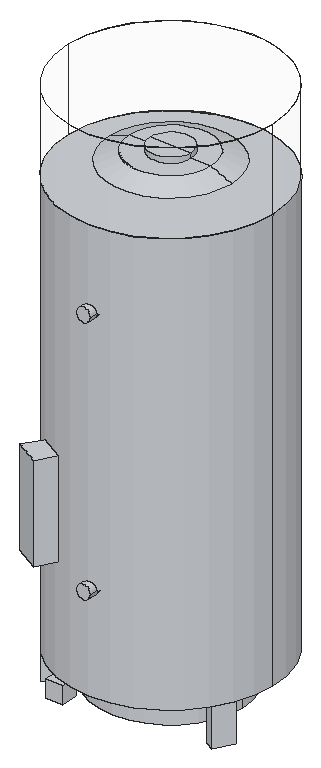
Revit family
Parameters (values of type "CGN199 100 (A)")
  water outlet radius = 1"
  water inlet radius = 1"
  water inlet/outlet length = radius + 1"  # 16 1/8"
  gas conn radius = 1/4"
  gas conn offset = radius * sin(15.00°)  # 3.91464"
  E_Gas conn height = 4 1/2"
  D_water inlet height = 19 3/4"
  vent radius = 3"
  top clearance = 12"
  tank height = A_HEIGHT - 4"  # 68"
  flue dimension = vent radius + 6"  # 9"
  bottom of tank radius = radius - 4 1/2"  # 10 5/8"
  bottom of tank height = -1 * feet height + 1"  # -4 1/2"
  SES BIM Studio # = "201264902-45"
  URL = "http://www.lochinvar.com/products/Default.aspx?type=ProductLine&lineid=188"
  Model = "CGN199 100 (A)"
  Manufacturer = "Lochinvar"
  MODEL NO. = "CGN199 100 (A)"
  GALLON CAPACITY = "100"
  feet height = E_Gas conn height + 1"  # 5 1/2"
  C_water oultlet height = 56 1/2"
  B_DIAMETER = radius * 2  # 30 1/4"
  INPUT RATE (BTUH) = "199,000"
  A_HEIGHT = 72"
  FUEL TYPE = "NATURAL GAS"
  Description = "Commercial Water Heater"
  Fuel Type = "Natrual Gas"
  radius = 15 1/8"
Types (8): name | water outlet radius | water inlet radius | water inlet/outlet length | gas conn radius | gas conn offset | D_water inlet height | vent radius | tank height | flue dimension | bottom of tank radius | Model | MODEL NO. | GALLON CAPACITY | C_water oultlet height | B_DIAMETER | INPUT RATE (BTUH) | A_HEIGHT | radius
  (no name) | 1" | 1" | 16 1/8" | 1/4" | 3.91464" | 19 3/4" | 3" | 68" | 9" | 10 5/8" | "CGN199 100 (A)" | "CGN199 100 (A)" | "100" | 56 1/2" | 30 1/4" | "199,000" | 72" | 15 1/8"
  CGN199 100 (A) | 1" | 1" | 16 1/8" | 1/4" | 3.91464" | 19 3/4" | 3" | 68" | 9" | 10 5/8" | "CGN199 100 (A)" | "CGN199 100 (A)" | "100" | 56 1/2" | 30 1/4" | "199,000" | 72" | 15 1/8"
  CGN250 065 (A) | 3/4" | 3/4" | 14 7/8" | 1/4" | 3.59111" | 20" | 4" | 71" | 10" | 9 3/8" | "CGN250 065(A)" | "CGN250 065 (A)" | "65" | 58 3/4" | 27 3/4" | "251,000" | 75" | 13 7/8"
  CGN250 100(A) | 1" | 1" | 16 1/8" | 1/4" | 3.91464" | 19 3/4" | 4" | 68" | 10" | 10 5/8" | "CGN250 100 (A)" | "CGN250 100 (A)" | "100" | 56 1/2" | 30 1/4" | "250,000" | 72" | 15 1/8"
  CGN275 100 (A) | 1" | 1" | 16 1/8" | 1/4" | 3.91464" | 19 3/4" | 4" | 68" | 10" | 10 5/8" | "CGN275 100 (A)" | "CGN275 100 (A)" | "100" | 56 1/2" | 30 1/4" | "275,000" | 72" | 15 1/8"
  CGN305 065 (A) | 3/4" | 3/4" | 14 7/8" | 1/4" | 3.59111" | 20" | 4" | 71" | 10" | 9 3/8" | "CGN305 065(A)" | "CGN305 065 (A)" | "65" | 58 3/4" | 27 3/4" | "305,000" | 75" | 13 7/8"
  CGN365 085 (A) | 3/4" | 3/4" | 14 7/8" | 3/8" | 3.59111" | 22 1/2" | 4" | 75 1/2" | 10" | 9 3/8" | "CGN365 085(A)" | "CGN365 085 (A)" | "65" | 63" | 27 3/4" | "365,000" | 79 1/2" | 13 7/8"
  CGN400  100 (A) | 1" | 1" | 16 1/8" | 3/8" | 3.91464" | 26 3/4" | 4" | 71 1/2" | 10" | 10 5/8" | "CGN390 100 (A)" | "CGN390 100 (A)" | "100" | 59" | 30 1/4" | "390,000" | 75 1/2" | 15 1/8"
Reference planes (in)
  plane 1 "Center (Front/Back)": y = 6.125
  plane 2: z = 0
  plane 3 "Center (Left/Right)": x = -1.39218
  plane 4 "Top": z = 68
  plane 5 "Top Clearance": z = 80
  plane 6 "Foot Offset Plane": through (-1.39218, 6.125, 48) normal (-0.866, 0.5, 0)
  plane 7 "Foot Offset Plane 2": through (-1.39218, 6.125, 48) normal (-0.866, -0.5, 0)
  plane 8 "Tank Bottom": z = 5.5
  plane 9 "Elec Box Plane": through (-1.39218, 6.125, 48) normal (0.5, 0.866, 0)
  plane 10 "Elec Box Height": z = 35.25
Forms (in)
  Extrusion 1, solid, material "Clearance"
    sketch origin (0, 0, 68) x (-1, 0, 0) y (0, -1, 0)
      loop
        circle (1.39218, -6.125) r 15.125
    from 0 to 12
  Extrusion 2, solid
    sketch origin (0, 0, 0) x (1, 0, 0) y (0, 1, 0)
      loop
        line (-15.60166, 0.48654) -> (-14.10166, -2.11154) -> (-12.80262, -1.36154) -> (-14.30262, 1.23654) -> (-15.60166, 0.48654)
      loop
        line (11.3173, -2.11154) -> (12.8173, 0.48654) -> (11.51826, 1.23654) -> (10.01826, -1.36154) -> (11.3173, -2.11154)
      loop
        line (-2.89218, 19.75) -> (0.10782, 19.75) -> (0.10782, 21.25) -> (-2.89218, 21.25) -> (-2.89218, 19.75)
    from 0 to 5.5 <- "feet height"
  Extrusion 3, solid
    sketch origin (0, 0, 5.5) x (-1, 0, 0) y (0, -1, 0)
      loop
        circle (1.39218, -6.125) r 15.125
    from 0 to 62.5
  Revolve 4, solid
    sketch origin (0, 6.125, 0) x (1, 0, 0) y (0, 0, 1)
      loop
        line (-1.39218, 68) -> (1.60782, 68) -> (1.60782, 70) -> (7.60782, 70) -> (4.60782, 71.25) -> (1.60782, 71.25) -> (1.60782, 72) -> (-1.39218, 72) -> (-1.39218, 68)
      axis (-1.39218, 68) -> (-1.39218, 72)
    angle from 0 to 360
  Extrusion 5, solid
    sketch origin (0, 0, 5.5) x (-1, 0, 0) y (0, -1, 0)
      loop
        circle (1.39218, -6.125) r 10.625
    from 0 to -4.5 <- "bottom of tank height"
  Extrusion 6, solid
    sketch origin (0, 6.125, 0) x (1, 0, 0) y (0, 0, 1)
      loop
        circle (-1.39218, 19.75) r 1
    from 0 to 16.125 <- "water inlet/outlet length"
  Extrusion 7, solid
    sketch origin (0, 6.125, 17.25) x (1, 0, 0) y (0, 0, 1)
      loop
        circle (-1.39218, 39.25) r 1
    from 0 to 16.125 <- "water inlet/outlet length"
  Extrusion 8, solid
    sketch origin (0, 0, 35.25) x (-1, 0, 0) y (0, -1, 0)
      loop
        line (10.16998, 6.27198) -> (11.66998, 8.87005) -> (7.98938, 10.99505) -> (6.48938, 8.39698) -> (10.16998, 6.27198)
    from 0 to -14
  Extrusion 9, solid
    sketch origin (0, 0, 5.5) x (-1, 0, 0) y (0, -1, 0)
      loop
        line (7.80682, 6.5) -> (7.80682, 9) -> (5.30682, 9) -> (5.30682, 6.5) -> (7.80682, 6.5)
    from 0 to -2.5
  Extrusion 10, solid
    sketch origin (-7.80682, -9, 5.5) x (0, 1, 0) y (0, 0, -1)
      loop
        circle (1.26844, 1) r 0.25
    from 0 to 0.5
Dimensions and locks (in)
  "tank height": plane 4 "Top" to level
  "top clearance": plane 5 "Top Clearance" to plane 4 "Top"
  "radius": plane 1 "Center (Front/Back)" to Extrusion 2 sketch curve
  locked: Extrusion 2 sketch curve to Extrusion 2 sketch curve at 3  (x3)
  locked: Extrusion 2 sketch curve to Extrusion 1 at 1.5
  locked: Extrusion 2 sketch curve to Extrusion 2 sketch curve at 1.5  (x2)
  "radius": Extrusion 2 sketch curve to plane 7 "Foot Offset Plane 2"
  "radius": plane 6 "Foot Offset Plane" to Extrusion 2 sketch curve
  "feet height": plane 8 "Tank Bottom" to level
  Revolve 4 sketch curve to plane 4 "Top" = 4"
  "vent radius": Revolve 4 sketch curve to plane 3 "Center (Left/Right)"
  "flue dimension": Revolve 4 sketch curve to plane 3 "Center (Left/Right)"
  "D_water inlet height": Extrusion 6 sketch curve to level
  "C_water oultlet height": Extrusion 7 sketch curve to level
  locked: Extrusion 8 sketch curve to Extrusion 8 sketch curve at 3
  locked: Extrusion 8 sketch curve to Extrusion 8 sketch curve at 4.25
  "radius": plane 9 "Elec Box Plane" to Extrusion 8 sketch curve
  locked: Extrusion 9 sketch curve to Extrusion 9 sketch curve at 2.5  (x2)
  "radius": Extrusion 9 sketch curve to plane 1 "Center (Front/Back)"
  "gas conn offset": Extrusion 9 sketch curve to plane 3 "Center (Left/Right)"
  "E_Gas conn height": Extrusion 10 sketch curve to level
  "radius": radius of Extrusion 1 sketch curve
  "radius": radius of Extrusion 3 sketch curve
  "bottom of tank radius": radius of Extrusion 5 sketch curve
  "water inlet radius": radius of Extrusion 6 sketch curve
  "water inlet radius": radius of Extrusion 7 sketch curve
  "gas conn radius": radius of Extrusion 10 sketch curve
  aligned and locked: plane 5 "Top Clearance" to Extrusion 1
  aligned and locked: plane 4 "Top" to Extrusion 3
Automatic sketch dimensions
  plane 1 "Center (Front/Back)" to Extrusion 1 sketch curve = 0"
  Extrusion 1 sketch curve to plane 3 "Center (Left/Right)" = 0"
  Extrusion 2 sketch curve to plane 3 "Center (Left/Right)" = 1 1/2"
  plane 1 "Center (Front/Back)" to Extrusion 2 sketch curve = 4.88846"  (x2)
  plane 1 "Center (Front/Back)" to Extrusion 3 sketch curve = 0"
  Extrusion 3 sketch curve to plane 3 "Center (Left/Right)" = 0"
  plane 1 "Center (Front/Back)" to Extrusion 5 sketch curve = 0"
  Extrusion 5 sketch curve to plane 3 "Center (Left/Right)" = 0"
  Extrusion 6 sketch curve to plane 3 "Center (Left/Right)" = 0"
  Extrusion 7 sketch curve to plane 3 "Center (Left/Right)" = 0"
  Extrusion 8 sketch curve to plane 3 "Center (Left/Right)" = 5.0972"
  Extrusion 9 to Extrusion 10 sketch curve = 1.23156"
  Revolve 4 sketch curve to plane 3 "Center (Left/Right)" = 0"  (x2)
  Revolve 4 sketch curve to plane 4 "Top" = 0"
  Revolve 4 sketch curve to Revolve 4 sketch curve = 0"
  Revolve 4 sketch curve to Revolve 4 sketch curve = 3"
  Revolve 4 sketch curve to plane 10 "Elec Box Height" = 4 3/4"
  Revolve 4 sketch curve to Revolve 4 sketch curve = 2"
  Revolve 4 sketch curve to Revolve 4 sketch curve = 3/4"
  plane 5 "Top Clearance" to Revolve 4 sketch curve = 24"
Connectors (in)
  piping at (-1.39218, -10, 19.75), driven by "water inlet radius"
    settings: on Extrusion 6, index 2, connector radius 1", flow factor 0, pipe flow 0 GPM, pressure drop 0.00 psi, fitting loss kfactor 0, connector angle 0.00°, fixture units 0, flow configuration 0, flow direction 1, fitting loss method 0, system type 20, connector reference index -1, connector utility 0, adjustable connector no, is connector primary yes, fitting loss table "", connector description "Water Inlet Conn"
  piping at (-8.30682, -7.73156, 4.5), driven by "gas conn radius"
    settings: on Extrusion 10, index 3, connector radius 1/4", flow factor 0, pipe flow 0 GPM, pressure drop 0.00 psi, fitting loss kfactor 0, connector angle 0.00°, fixture units 0, flow configuration 0, flow direction 1, fitting loss method 0, system type 22, connector reference index -1, connector utility 0, adjustable connector no, is connector primary no, fitting loss table "", connector description "Gas Conn"
  electrical at (-10.91998, -7.57102, 28.25)
    settings: on Extrusion 8, index 4, voltage 120 V, apparent load 0 VA, apparent load phase1 0 VA, apparent load phase2 0 VA, apparent load phase3 0 VA, power factor 1, load classification "Other", number of poles 1, system type 30, power factor state 1, is connector primary yes, connector utility no, sub classification motor no, connector description ""
  piping at (-1.39218, -10, 56.5), driven by "water outlet radius"
    settings: on Extrusion 7, index 5, connector radius 1", flow factor 0, pipe flow 0 GPM, pressure drop 0.00 psi, fitting loss kfactor 0, connector angle 0.00°, fixture units 0, flow configuration 0, flow direction 2, fitting loss method 0, system type 19, connector reference index -1, connector utility 0, adjustable connector no, is connector primary no, fitting loss table "", connector description "Water Outlet Conn"
  hvac at (-1.39218, 6.125, 72), driven by "vent radius"
    settings: on Revolve 4, index 6, duct flow 0 CFM, flow factor 0, pres drop 0.00 in-wg, loss coef 0, conn angle 0.00°, conn width 12", conn height 12", conn radius 3", duct sys type 3, conn prof type 0, flow config 0, flow direction 2, loss method 0, conn ref index -1, conn util no, is conn primary yes, conn desc ""
